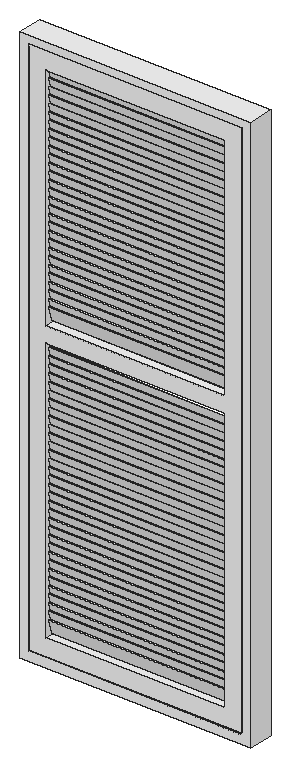
Revit family
Parameters (values of type "9 X 22")
  Assembly Code = ""
  Top Rail = 50 mm
  Stile = 50 mm
  Shutter = 합성수지
  Panel = Glass (2)
  Height = 2210 mm
  Frame Width = 50 mm
  Frame Depth = 100 mm
  Frame = 합성수지
  Default Sill Height = 0 mm
  Wall Closure = (empty or 0)
  Width = 910 mm
  Bottom Rail = 50 mm
Reference planes
  plane 1: y = 5
  plane 2 "Center (Left/Right)": x = 0
  plane 3 "Left": x = -455
  plane 4 "Right": x = 455
  plane 5 "Sill": z = 0
  plane 6 "Head": z = 2210
  plane 7 "Exterior": y = 80
  plane 8 "Interior": y = -70
  plane 9: x = -405
  plane 10: x = 405
  plane 11: y = 55
  plane 12: y = -45
  plane 13: z = 2160
  plane 14: z = 50
  plane 15: x = -355
  plane 16: x = 355
  plane 17: z = 2110
  plane 18: z = 100
  plane 19: x = -50
  plane 20: x = 50
  plane 21: z = 1105
Forms (mm)
  Sweep 1, solid, material "합성수지" <- "Frame"
    path origin (0, 5.744, -49.994) x (1, 0, 0) y (0, 0, 1)
      loop
        line (-300, 200) -> (300, 200) -> (300, 2100) -> (-300, 2100) -> (-300, 200)
    profile origin (0, 0, 1100.006) x (-1, 0, 0) y (0, -1, 0)
      loop
        line (455, 44.256) -> (420, 44.256) -> (420, 9.256) -> (405, 9.256) -> (405, -55.744) -> (455, -55.744) -> (455, 44.256)
  Extrusion 2, solid, material "합성수지" <- "Frame"
    sketch origin (0, 578.225, 194.636) x (1, 0, 0) y (0, -0.956305, -0.292372)
      loop
        line (-350.507, 25.5) -> (355, 25.5) -> (355, 29.5) -> (-350.507, 29.5) -> (-350.507, 25.5)
    from -1953.628 to -2010
  Extrusion 3, solid, material "합성수지" <- "Shutter"
    sketch origin (0, -45, 0) x (-1, 0, 0) y (0, 0, -1)
      loop
        line (420, -35) -> (-420, -35) -> (-420, -2175) -> (420, -2175) -> (420, -35)
      loop
        line (-355, -2110) -> (350.507, -2110) -> (350.507, -1204.934) -> (-355, -1204.934) -> (-355, -2110)
      loop
        line (-355, -100) -> (-355, -1144.934) -> (350.507, -1144.934) -> (350.507, -100) -> (-355, -100)
    from 0 to -35
  Extrusion 4, solid, material "합성수지" <- "Frame"
    sketch origin (0, 578.225, 164.636) x (1, 0, 0) y (0, -0.956305, -0.292372)
      loop
        line (-350.507, 25.5) -> (355, 25.5) -> (355, 29.5) -> (-350.507, 29.5) -> (-350.507, 25.5)
    from -1953.628 to -2010
  Extrusion 5, solid, material "합성수지" <- "Frame"
    sketch origin (0, 578.225, 134.636) x (1, 0, 0) y (0, -0.956305, -0.292372)
      loop
        line (-350.507, 25.5) -> (355, 25.5) -> (355, 29.5) -> (-350.507, 29.5) -> (-350.507, 25.5)
    from -1953.628 to -2010
  Extrusion 6, solid, material "합성수지" <- "Frame"
    sketch origin (0, 578.225, 104.636) x (1, 0, 0) y (0, -0.956305, -0.292372)
      loop
        line (-350.507, 25.5) -> (355, 25.5) -> (355, 29.5) -> (-350.507, 29.5) -> (-350.507, 25.5)
    from -1953.628 to -2010
  Extrusion 7, solid, material "합성수지" <- "Frame"
    sketch origin (0, 578.225, 74.636) x (1, 0, 0) y (0, -0.956305, -0.292372)
      loop
        line (-350.507, 25.5) -> (355, 25.5) -> (355, 29.5) -> (-350.507, 29.5) -> (-350.507, 25.5)
    from -1953.628 to -2010
  Extrusion 8, solid, material "합성수지" <- "Frame"
    sketch origin (0, 578.225, 44.636) x (1, 0, 0) y (0, -0.956305, -0.292372)
      loop
        line (-350.507, 25.5) -> (355, 25.5) -> (355, 29.5) -> (-350.507, 29.5) -> (-350.507, 25.5)
    from -1953.628 to -2010
  Extrusion 9, solid, material "합성수지" <- "Frame"
    sketch origin (0, 578.225, 14.636) x (1, 0, 0) y (0, -0.956305, -0.292372)
      loop
        line (-350.507, 25.5) -> (355, 25.5) -> (355, 29.5) -> (-350.507, 29.5) -> (-350.507, 25.5)
    from -1953.628 to -2010
  Extrusion 10, solid, material "합성수지" <- "Frame"
    sketch origin (0, 578.225, -15.364) x (1, 0, 0) y (0, -0.956305, -0.292372)
      loop
        line (-350.507, 25.5) -> (355, 25.5) -> (355, 29.5) -> (-350.507, 29.5) -> (-350.507, 25.5)
    from -1953.628 to -2010
  Extrusion 11, solid, material "합성수지" <- "Frame"
    sketch origin (0, 578.225, -45.364) x (1, 0, 0) y (0, -0.956305, -0.292372)
      loop
        line (-350.507, 25.5) -> (355, 25.5) -> (355, 29.5) -> (-350.507, 29.5) -> (-350.507, 25.5)
    from -1953.628 to -2010
  Extrusion 12, solid, material "합성수지" <- "Frame"
    sketch origin (0, 578.225, -75.364) x (1, 0, 0) y (0, -0.956305, -0.292372)
      loop
        line (-350.507, 25.5) -> (355, 25.5) -> (355, 29.5) -> (-350.507, 29.5) -> (-350.507, 25.5)
    from -1953.628 to -2010
  Extrusion 13, solid, material "합성수지" <- "Frame"
    sketch origin (0, 578.225, -105.364) x (1, 0, 0) y (0, -0.956305, -0.292372)
      loop
        line (-350.507, 25.5) -> (355, 25.5) -> (355, 29.5) -> (-350.507, 29.5) -> (-350.507, 25.5)
    from -1953.628 to -2010
  Extrusion 14, solid, material "합성수지" <- "Frame"
    sketch origin (0, 578.225, -135.364) x (1, 0, 0) y (0, -0.956305, -0.292372)
      loop
        line (-350.507, 25.5) -> (355, 25.5) -> (355, 29.5) -> (-350.507, 29.5) -> (-350.507, 25.5)
    from -1953.628 to -2010
  Extrusion 15, solid, material "합성수지" <- "Frame"
    sketch origin (0, 578.225, -165.364) x (1, 0, 0) y (0, -0.956305, -0.292372)
      loop
        line (-350.507, 25.5) -> (355, 25.5) -> (355, 29.5) -> (-350.507, 29.5) -> (-350.507, 25.5)
    from -1953.628 to -2010
  Extrusion 16, solid, material "합성수지" <- "Frame"
    sketch origin (0, 578.225, -195.364) x (1, 0, 0) y (0, -0.956305, -0.292372)
      loop
        line (-350.507, 25.5) -> (355, 25.5) -> (355, 29.5) -> (-350.507, 29.5) -> (-350.507, 25.5)
    from -1953.628 to -2010
  Extrusion 17, solid, material "합성수지" <- "Frame"
    sketch origin (0, 578.225, -225.364) x (1, 0, 0) y (0, -0.956305, -0.292372)
      loop
        line (-350.507, 25.5) -> (355, 25.5) -> (355, 29.5) -> (-350.507, 29.5) -> (-350.507, 25.5)
    from -1953.628 to -2010
  Extrusion 18, solid, material "합성수지" <- "Frame"
    sketch origin (0, 578.225, -255.364) x (1, 0, 0) y (0, -0.956305, -0.292372)
      loop
        line (-350.507, 25.5) -> (355, 25.5) -> (355, 29.5) -> (-350.507, 29.5) -> (-350.507, 25.5)
    from -1953.628 to -2010
  Extrusion 19, solid, material "합성수지" <- "Frame"
    sketch origin (0, 578.225, -285.364) x (1, 0, 0) y (0, -0.956305, -0.292372)
      loop
        line (-350.507, 25.5) -> (355, 25.5) -> (355, 29.5) -> (-350.507, 29.5) -> (-350.507, 25.5)
    from -1953.628 to -2010
  Extrusion 20, solid, material "합성수지" <- "Frame"
    sketch origin (0, 578.225, -315.364) x (1, 0, 0) y (0, -0.956305, -0.292372)
      loop
        line (-350.507, 25.5) -> (355, 25.5) -> (355, 29.5) -> (-350.507, 29.5) -> (-350.507, 25.5)
    from -1953.628 to -2010
  Extrusion 21, solid, material "합성수지" <- "Frame"
    sketch origin (0, 578.225, -345.364) x (1, 0, 0) y (0, -0.956305, -0.292372)
      loop
        line (-350.507, 25.5) -> (355, 25.5) -> (355, 29.5) -> (-350.507, 29.5) -> (-350.507, 25.5)
    from -1953.628 to -2010
  Extrusion 22, solid, material "합성수지" <- "Frame"
    sketch origin (0, 578.225, -375.364) x (1, 0, 0) y (0, -0.956305, -0.292372)
      loop
        line (-350.507, 25.5) -> (355, 25.5) -> (355, 29.5) -> (-350.507, 29.5) -> (-350.507, 25.5)
    from -1953.628 to -2010
  Extrusion 23, solid, material "합성수지" <- "Frame"
    sketch origin (0, 578.225, -405.364) x (1, 0, 0) y (0, -0.956305, -0.292372)
      loop
        line (-350.507, 25.5) -> (355, 25.5) -> (355, 29.5) -> (-350.507, 29.5) -> (-350.507, 25.5)
    from -1953.628 to -2010
  Extrusion 24, solid, material "합성수지" <- "Frame"
    sketch origin (0, 578.225, -435.364) x (1, 0, 0) y (0, -0.956305, -0.292372)
      loop
        line (-350.507, 25.5) -> (355, 25.5) -> (355, 29.5) -> (-350.507, 29.5) -> (-350.507, 25.5)
    from -1953.628 to -2010
  Extrusion 25, solid, material "합성수지" <- "Frame"
    sketch origin (0, 578.225, -465.364) x (1, 0, 0) y (0, -0.956305, -0.292372)
      loop
        line (-350.507, 25.5) -> (355, 25.5) -> (355, 29.5) -> (-350.507, 29.5) -> (-350.507, 25.5)
    from -1953.628 to -2010
  Extrusion 26, solid, material "합성수지" <- "Frame"
    sketch origin (0, 578.225, -495.364) x (1, 0, 0) y (0, -0.956305, -0.292372)
      loop
        line (-350.507, 25.5) -> (355, 25.5) -> (355, 29.5) -> (-350.507, 29.5) -> (-350.507, 25.5)
    from -1953.628 to -2010
  Extrusion 27, solid, material "합성수지" <- "Frame"
    sketch origin (0, 578.225, -525.364) x (1, 0, 0) y (0, -0.956305, -0.292372)
      loop
        line (-350.507, 25.5) -> (355, 25.5) -> (355, 29.5) -> (-350.507, 29.5) -> (-350.507, 25.5)
    from -1953.628 to -2010
  Extrusion 28, solid, material "합성수지" <- "Frame"
    sketch origin (0, 578.225, -555.364) x (1, 0, 0) y (0, -0.956305, -0.292372)
      loop
        line (-350.507, 25.5) -> (355, 25.5) -> (355, 29.5) -> (-350.507, 29.5) -> (-350.507, 25.5)
    from -1953.628 to -2010
  Extrusion 29, solid, material "합성수지" <- "Frame"
    sketch origin (0, 578.225, -585.364) x (1, 0, 0) y (0, -0.956305, -0.292372)
      loop
        line (-350.507, 25.5) -> (355, 25.5) -> (355, 29.5) -> (-350.507, 29.5) -> (-350.507, 25.5)
    from -1953.628 to -2010
  Extrusion 30, solid, material "합성수지" <- "Frame"
    sketch origin (0, 578.225, -615.364) x (1, 0, 0) y (0, -0.956305, -0.292372)
      loop
        line (-350.507, 25.5) -> (355, 25.5) -> (355, 29.5) -> (-350.507, 29.5) -> (-350.507, 25.5)
    from -1953.628 to -2010
  Extrusion 31, solid, material "합성수지" <- "Frame"
    sketch origin (0, 578.225, -645.364) x (1, 0, 0) y (0, -0.956305, -0.292372)
      loop
        line (-350.507, 25.5) -> (355, 25.5) -> (355, 29.5) -> (-350.507, 29.5) -> (-350.507, 25.5)
    from -1953.628 to -2010
  Extrusion 32, solid, material "합성수지" <- "Frame"
    sketch origin (0, 578.225, -910.297) x (1, 0, 0) y (0, -0.956305, -0.292372)
      loop
        line (-350.507, 25.5) -> (355, 25.5) -> (355, 29.5) -> (-350.507, 29.5) -> (-350.507, 25.5)
    from -1953.628 to -2010
  Extrusion 33, solid, material "합성수지" <- "Frame"
    sketch origin (0, 578.225, -940.297) x (1, 0, 0) y (0, -0.956305, -0.292372)
      loop
        line (-350.507, 25.5) -> (355, 25.5) -> (355, 29.5) -> (-350.507, 29.5) -> (-350.507, 25.5)
    from -1953.628 to -2010
  Extrusion 34, solid, material "합성수지" <- "Frame"
    sketch origin (0, 578.225, -970.297) x (1, 0, 0) y (0, -0.956305, -0.292372)
      loop
        line (-350.507, 25.5) -> (355, 25.5) -> (355, 29.5) -> (-350.507, 29.5) -> (-350.507, 25.5)
    from -1953.628 to -2010
  Extrusion 35, solid, material "합성수지" <- "Frame"
    sketch origin (0, 578.225, -1000.297) x (1, 0, 0) y (0, -0.956305, -0.292372)
      loop
        line (-350.507, 25.5) -> (355, 25.5) -> (355, 29.5) -> (-350.507, 29.5) -> (-350.507, 25.5)
    from -1953.628 to -2010
  Extrusion 36, solid, material "합성수지" <- "Frame"
    sketch origin (0, 578.225, -1030.297) x (1, 0, 0) y (0, -0.956305, -0.292372)
      loop
        line (-350.507, 25.5) -> (355, 25.5) -> (355, 29.5) -> (-350.507, 29.5) -> (-350.507, 25.5)
    from -1953.628 to -2010
  Extrusion 37, solid, material "합성수지" <- "Frame"
    sketch origin (0, 578.225, -1060.297) x (1, 0, 0) y (0, -0.956305, -0.292372)
      loop
        line (-350.507, 25.5) -> (355, 25.5) -> (355, 29.5) -> (-350.507, 29.5) -> (-350.507, 25.5)
    from -1953.628 to -2010
  Extrusion 38, solid, material "합성수지" <- "Frame"
    sketch origin (0, 578.225, -1090.297) x (1, 0, 0) y (0, -0.956305, -0.292372)
      loop
        line (-350.507, 25.5) -> (355, 25.5) -> (355, 29.5) -> (-350.507, 29.5) -> (-350.507, 25.5)
    from -1953.628 to -2010
  Extrusion 39, solid, material "합성수지" <- "Frame"
    sketch origin (0, 578.225, -1120.297) x (1, 0, 0) y (0, -0.956305, -0.292372)
      loop
        line (-350.507, 25.5) -> (355, 25.5) -> (355, 29.5) -> (-350.507, 29.5) -> (-350.507, 25.5)
    from -1953.628 to -2010
  Extrusion 40, solid, material "합성수지" <- "Frame"
    sketch origin (0, 578.225, -1150.297) x (1, 0, 0) y (0, -0.956305, -0.292372)
      loop
        line (-350.507, 25.5) -> (355, 25.5) -> (355, 29.5) -> (-350.507, 29.5) -> (-350.507, 25.5)
    from -1953.628 to -2010
  Extrusion 41, solid, material "합성수지" <- "Frame"
    sketch origin (0, 578.225, -1180.297) x (1, 0, 0) y (0, -0.956305, -0.292372)
      loop
        line (-350.507, 25.5) -> (355, 25.5) -> (355, 29.5) -> (-350.507, 29.5) -> (-350.507, 25.5)
    from -1953.628 to -2010
  Extrusion 42, solid, material "합성수지" <- "Frame"
    sketch origin (0, 578.225, -1210.297) x (1, 0, 0) y (0, -0.956305, -0.292372)
      loop
        line (-350.507, 25.5) -> (355, 25.5) -> (355, 29.5) -> (-350.507, 29.5) -> (-350.507, 25.5)
    from -1953.628 to -2010
  Extrusion 43, solid, material "합성수지" <- "Frame"
    sketch origin (0, 578.225, -1240.297) x (1, 0, 0) y (0, -0.956305, -0.292372)
      loop
        line (-350.507, 25.5) -> (355, 25.5) -> (355, 29.5) -> (-350.507, 29.5) -> (-350.507, 25.5)
    from -1953.628 to -2010
  Extrusion 44, solid, material "합성수지" <- "Frame"
    sketch origin (0, 578.225, -1270.297) x (1, 0, 0) y (0, -0.956305, -0.292372)
      loop
        line (-350.507, 25.5) -> (355, 25.5) -> (355, 29.5) -> (-350.507, 29.5) -> (-350.507, 25.5)
    from -1953.628 to -2010
  Extrusion 45, solid, material "합성수지" <- "Frame"
    sketch origin (0, 578.225, -1300.297) x (1, 0, 0) y (0, -0.956305, -0.292372)
      loop
        line (-350.507, 25.5) -> (355, 25.5) -> (355, 29.5) -> (-350.507, 29.5) -> (-350.507, 25.5)
    from -1953.628 to -2010
  Extrusion 46, solid, material "합성수지" <- "Frame"
    sketch origin (0, 578.225, -1330.297) x (1, 0, 0) y (0, -0.956305, -0.292372)
      loop
        line (-350.507, 25.5) -> (355, 25.5) -> (355, 29.5) -> (-350.507, 29.5) -> (-350.507, 25.5)
    from -1953.628 to -2010
  Extrusion 47, solid, material "합성수지" <- "Frame"
    sketch origin (0, 578.225, -1360.297) x (1, 0, 0) y (0, -0.956305, -0.292372)
      loop
        line (-350.507, 25.5) -> (355, 25.5) -> (355, 29.5) -> (-350.507, 29.5) -> (-350.507, 25.5)
    from -1953.628 to -2010
  Extrusion 48, solid, material "합성수지" <- "Frame"
    sketch origin (0, 578.225, -1390.297) x (1, 0, 0) y (0, -0.956305, -0.292372)
      loop
        line (-350.507, 25.5) -> (355, 25.5) -> (355, 29.5) -> (-350.507, 29.5) -> (-350.507, 25.5)
    from -1953.628 to -2010
  Extrusion 49, solid, material "합성수지" <- "Frame"
    sketch origin (0, 578.225, -1420.297) x (1, 0, 0) y (0, -0.956305, -0.292372)
      loop
        line (-350.507, 25.5) -> (355, 25.5) -> (355, 29.5) -> (-350.507, 29.5) -> (-350.507, 25.5)
    from -1953.628 to -2010
  Extrusion 50, solid, material "합성수지" <- "Frame"
    sketch origin (0, 578.225, -1450.297) x (1, 0, 0) y (0, -0.956305, -0.292372)
      loop
        line (-350.507, 25.5) -> (355, 25.5) -> (355, 29.5) -> (-350.507, 29.5) -> (-350.507, 25.5)
    from -1953.628 to -2010
  Extrusion 51, solid, material "합성수지" <- "Frame"
    sketch origin (0, 578.225, -1480.297) x (1, 0, 0) y (0, -0.956305, -0.292372)
      loop
        line (-350.507, 25.5) -> (355, 25.5) -> (355, 29.5) -> (-350.507, 29.5) -> (-350.507, 25.5)
    from -1953.628 to -2010
  Extrusion 52, solid, material "합성수지" <- "Frame"
    sketch origin (0, 578.225, -1510.297) x (1, 0, 0) y (0, -0.956305, -0.292372)
      loop
        line (-350.507, 25.5) -> (355, 25.5) -> (355, 29.5) -> (-350.507, 29.5) -> (-350.507, 25.5)
    from -1953.628 to -2010
  Extrusion 53, solid, material "합성수지" <- "Frame"
    sketch origin (0, 578.225, -1540.297) x (1, 0, 0) y (0, -0.956305, -0.292372)
      loop
        line (-350.507, 25.5) -> (355, 25.5) -> (355, 29.5) -> (-350.507, 29.5) -> (-350.507, 25.5)
    from -1953.628 to -2010
  Extrusion 54, solid, material "합성수지" <- "Frame"
    sketch origin (0, 578.225, -1570.297) x (1, 0, 0) y (0, -0.956305, -0.292372)
      loop
        line (-350.507, 25.5) -> (355, 25.5) -> (355, 29.5) -> (-350.507, 29.5) -> (-350.507, 25.5)
    from -1953.628 to -2010
  Extrusion 55, solid, material "합성수지" <- "Frame"
    sketch origin (0, 578.225, -1600.297) x (1, 0, 0) y (0, -0.956305, -0.292372)
      loop
        line (-350.507, 25.5) -> (355, 25.5) -> (355, 29.5) -> (-350.507, 29.5) -> (-350.507, 25.5)
    from -1953.628 to -2010
  Extrusion 56, solid, material "합성수지" <- "Frame"
    sketch origin (0, 578.225, -1630.297) x (1, 0, 0) y (0, -0.956305, -0.292372)
      loop
        line (-350.507, 25.5) -> (355, 25.5) -> (355, 29.5) -> (-350.507, 29.5) -> (-350.507, 25.5)
    from -1953.628 to -2010
  Extrusion 57, solid, material "합성수지" <- "Frame"
    sketch origin (0, 578.225, -1660.297) x (1, 0, 0) y (0, -0.956305, -0.292372)
      loop
        line (-350.507, 25.5) -> (355, 25.5) -> (355, 29.5) -> (-350.507, 29.5) -> (-350.507, 25.5)
    from -1953.628 to -2010
  Extrusion 58, solid, material "합성수지" <- "Frame"
    sketch origin (0, 578.225, -1690.297) x (1, 0, 0) y (0, -0.956305, -0.292372)
      loop
        line (-350.507, 25.5) -> (355, 25.5) -> (355, 29.5) -> (-350.507, 29.5) -> (-350.507, 25.5)
    from -1953.628 to -2010
  Extrusion 59, solid, material "합성수지" <- "Frame"
    sketch origin (0, 578.225, -1720.297) x (1, 0, 0) y (0, -0.956305, -0.292372)
      loop
        line (-350.507, 25.5) -> (355, 25.5) -> (355, 29.5) -> (-350.507, 29.5) -> (-350.507, 25.5)
    from -1953.628 to -2010
  Extrusion 60, solid, material "합성수지" <- "Frame"
    sketch origin (0, 578.225, -1750.297) x (1, 0, 0) y (0, -0.956305, -0.292372)
      loop
        line (-350.507, 25.5) -> (355, 25.5) -> (355, 29.5) -> (-350.507, 29.5) -> (-350.507, 25.5)
    from -1953.628 to -2010
  Extrusion 61, solid, material "합성수지" <- "Frame"
    sketch origin (0, 578.225, -787.797) x (1, 0, 0) y (0, -0.956305, -0.292372)
      loop
        line (-350.507, 25.5) -> (355, 25.5) -> (355, 29.5) -> (-350.507, 29.5) -> (-350.507, 25.5)
    from -1953.628 to -2010
  Extrusion 62, solid, material "합성수지" <- "Frame"
    sketch origin (0, 578.225, -817.797) x (1, 0, 0) y (0, -0.956305, -0.292372)
      loop
        line (-350.507, 25.5) -> (355, 25.5) -> (355, 29.5) -> (-350.507, 29.5) -> (-350.507, 25.5)
    from -1953.628 to -2010
  Extrusion 63, solid, material "합성수지" <- "Frame"
    sketch origin (0, 578.225, -847.797) x (1, 0, 0) y (0, -0.956305, -0.292372)
      loop
        line (-350.507, 25.5) -> (355, 25.5) -> (355, 29.5) -> (-350.507, 29.5) -> (-350.507, 25.5)
    from -1953.628 to -2010
  Extrusion 64, solid, material "합성수지" <- "Frame"
    sketch origin (0, 578.225, -877.797) x (1, 0, 0) y (0, -0.956305, -0.292372)
      loop
        line (-350.507, 25.5) -> (355, 25.5) -> (355, 29.5) -> (-350.507, 29.5) -> (-350.507, 25.5)
    from -1953.628 to -2010
Lines and regions (mm)
  Opening 1
    outline origin (3500, -70, 0) x (1, 0, 0) y (0, 0, 1)
      loop
        line (-3045, 0) -> (-3045, 2210) -> (-3955, 2210) -> (-3955, 0) -> (-3045, 0)
  symbolic lines, style "WindowsFrameMullionProjection", detail levels medium+fine
    curve 1: line (-455, 55.744, 0) -> (-405, 55.744, 0)
    curve 2: line (-405, 55.744, 0) -> (-405, -15, 0)
    curve 3: line (-420, -15, 0) -> (-405, -15, 0)
    curve 4: line (-420, -15, 0) -> (-420, -45, 0)
    curve 5: line (-455, -45, 0) -> (-420, -45, 0)
    curve 6: line (455, 55.744, 0) -> (405, 55.744, 0)
    curve 7: line (405, 55.744, 0) -> (405, -14.256, 0)
    curve 8: line (405, -9.256, 0) -> (420, -9.256, 0)
    curve 9: line (420, -9.256, 0) -> (420, -44.256, 0)
    curve 10: line (420, -44.256, 0) -> (455, -44.256, 0)
    curve 11: line (455, -44.256, 0) -> (455, 55.744, 0)
    curve 13: line (-455, 55.744, 0) -> (-455, -45, 0)
  symbolic lines, style "Plan Swing"
    curve 12: line (-420, -45, 0) -> (420, -44.256, 0)
  symbolic lines, style "WindowsFrameMullionProjection", detail levels coarse
    curve 14: line (-420, -45, 0) -> (-455, -45, 0)
    curve 15: line (-420, 55.744, 0) -> (-420, -45, 0)
    curve 16: line (-455, 55.744, 0) -> (-420, 55.744, 0)
    curve 17: line (-455, -45, 0) -> (-455, 55.744, 0)
    curve 18: line (420, -44.256, 0) -> (455, -44.256, 0)
    curve 19: line (420, 55.744, 0) -> (420, -44.256, 0)
    curve 20: line (455, 55.744, 0) -> (420, 55.744, 0)
    curve 21: line (455, -44.256, 0) -> (455, 55.744, 0)
  symbolic lines, style "Elevation Swing Coarse", detail levels coarse
    curve 22: line (405, 0, 1105) -> (0, 0, 1505)
    curve 23: line (405, 0, 1105) -> (0, 0, 595)
    curve 24: line (0, 0, 1505) -> (-405, 0, 1105)
    curve 25: line (0, 0, 595) -> (-405, 0, 1105)
  symbolic lines, style "Plan Swing", detail levels coarse
    curve 26: line (-420, -9.256, 0) -> (420, -9.256, 0)
  symbolic lines, style "Elevation Swing Medium", detail levels medium
    curve 27: line (405, 0, 1105) -> (0, 0, 1505)
    curve 28: line (405, 0, 1105) -> (0, 0, 595)
    curve 29: line (0, 0, 1505) -> (-405, 0, 1105)
    curve 30: line (0, 0, 595) -> (-405, 0, 1105)
  symbolic lines, style "Elevation Swing Fine", detail levels fine
    curve 31: line (405, 0, 1105) -> (0, 0, 1505)
    curve 32: line (405, 0, 1105) -> (0, 0, 595)
    curve 33: line (0, 0, 1505) -> (-405, 0, 1105)
    curve 34: line (0, 0, 595) -> (-405, 0, 1105)
Text (mm)
  text "EXTERIOR" at (-1963.203, 1332.353, 0), in view "Ref. Level"
  text "INTERIOR" at (-1981.466, -818.386, 0), in view "Ref. Level"
  text "Exterior" at (0, 923.751, 2943.296), in view "Right"
  text "Exterior" at (0, 1040.484, 2685.409), in view "Left"
Dimensions and locks
  equal spacing: plane 3 "Left", plane 2 "Center (Left/Right)", plane 4 "Right"
  "Width": plane 3 "Left" to plane 4 "Right"
  "Height": plane 5 "Sill" to plane 6 "Head"
  "Default Sill Height": plane 5 "Sill" to level
  locked: plane 7 "Exterior" to host wall at 0
  locked: plane 8 "Interior" to host wall
  locked: Sweep 1 sketch curve to Sweep 1 sketch curve at 15
  locked: Sweep 1 sketch curve to Sweep 1 sketch curve at 35
  "Frame Width": plane 3 "Left" to plane 9
  "Frame Width": plane 10 to plane 4 "Right"
  equal spacing: plane 12, plane 1, plane 11
  "Frame Depth": plane 12 to plane 11
  "Frame Width": plane 6 "Head" to plane 13
  "Frame Width": plane 14 to plane 5 "Sill"
  "Stile": plane 15 to plane 9
  "Stile": plane 10 to plane 16
  "Stile": plane 2 "Center (Left/Right)" to plane 19
  "Stile": plane 20 to plane 2 "Center (Left/Right)"
  "Top Rail": plane 13 to plane 17
  "Bottom Rail": plane 18 to plane 14
  equal spacing: plane 6 "Head", plane 21, plane 5 "Sill"
  equal spacing: plane 8 "Interior", plane 1, plane 7 "Exterior"
  aligned and locked: Sweep 1 sketch curve to plane 3 "Left"
  aligned and locked: plane 9 to Sweep 1 sketch curve
  aligned and locked: curve 1 to Sweep 1  (x2)
  aligned and locked: curve 2 to Sweep 1
  aligned and locked: curve 3 to Sweep 1
  aligned and locked: Sweep 1 to curve 5
  aligned and locked: Sweep 1 to curve 6
  aligned and locked: curve 7 to Sweep 1
  aligned and locked: curve 7 to curve 8
  aligned and locked: Sweep 1 to curve 8
  aligned and locked: Sweep 1 to curve 9
  aligned and locked: curve 13 to curve 1
  aligned and locked: curve 13 to curve 5
  aligned and locked: plane 3 "Left" to curve 13
  aligned and locked: curve 21 to Sweep 1  (x2)
  aligned and locked: curve 26 to Sweep 1
Automatic sketch dimensions
  plane 10 to curve 8 = 15 mm
  curve 3 to curve 26 = 5.744 mm
  curve 7 to curve 8 = 5 mm
  curve 29 to plane 2 "Center (Left/Right)" = 0 mm
  curve 24 to plane 9 = 0 mm
  curve 24 to plane 21 = 0 mm
  curve 27 to plane 10 = 0 mm
  curve 27 to plane 21 = 0 mm
  curve 32 to plane 2 "Center (Left/Right)" = 0 mm
  curve 33 to plane 21 = 400 mm
  plane 21 to curve 32 = 510 mm
  Opening 1 sketch curve to level = 0 mm
  Opening 1 sketch curve to plane 3 "Left" = 0 mm
  Opening 1 sketch curve to plane 4 "Right" = 0 mm
  Opening 1 sketch curve to plane 6 "Head" = 0 mm
  plane 15 to Sweep 1 sketch curve = 55 mm
  Sweep 1 sketch curve to plane 16 = 55 mm
  Sweep 1 sketch curve to plane 18 = 50.006 mm
  plane 17 to Sweep 1 sketch curve = 59.994 mm
  Sweep 1 sketch curve to Sweep 1 sketch curve = 65 mm
  Extrusion 2 sketch curve to Extrusion 2 sketch curve = 4 mm
  curve 12 to plane 12 = 0 mm
  Extrusion 3 sketch curve to plane 16 = 0 mm  (x2)
  Extrusion 3 sketch curve to plane 17 = 0 mm
  Extrusion 3 sketch curve to plane 18 = 0 mm
  plane 10 to Extrusion 3 sketch curve = 15 mm
  plane 15 to Extrusion 3 sketch curve = 4.493 mm  (x2)
  Extrusion 3 sketch curve to plane 9 = 15 mm
  Extrusion 3 sketch curve to plane 13 = 15 mm
  Extrusion 3 sketch curve to plane 21 = 99.934 mm
  Extrusion 3 sketch curve to plane 21 = 39.934 mm
  plane 14 to Extrusion 3 sketch curve = 15 mm
  Extrusion 2 sketch curve to Extrusion 2 sketch curve = 705.507 mm
  Extrusion 4 sketch curve to Extrusion 4 sketch curve = 4 mm
  Extrusion 4 sketch curve to Extrusion 4 sketch curve = 705.507 mm
  Extrusion 5 sketch curve to Extrusion 5 sketch curve = 4 mm
  Extrusion 5 sketch curve to Extrusion 5 sketch curve = 705.507 mm
  Extrusion 6 sketch curve to Extrusion 6 sketch curve = 4 mm
  Extrusion 6 sketch curve to Extrusion 6 sketch curve = 705.507 mm
  Extrusion 7 sketch curve to Extrusion 7 sketch curve = 4 mm
  Extrusion 7 sketch curve to Extrusion 7 sketch curve = 705.507 mm
  Extrusion 8 sketch curve to Extrusion 8 sketch curve = 4 mm
  Extrusion 8 sketch curve to Extrusion 8 sketch curve = 705.507 mm
  Extrusion 9 sketch curve to Extrusion 9 sketch curve = 4 mm
  Extrusion 9 sketch curve to Extrusion 9 sketch curve = 705.507 mm
  Extrusion 10 sketch curve to Extrusion 10 sketch curve = 4 mm
  Extrusion 10 sketch curve to Extrusion 10 sketch curve = 705.507 mm
  Extrusion 11 sketch curve to Extrusion 11 sketch curve = 4 mm
  Extrusion 11 sketch curve to Extrusion 11 sketch curve = 705.507 mm
  Extrusion 12 sketch curve to Extrusion 12 sketch curve = 4 mm
  Extrusion 12 sketch curve to Extrusion 12 sketch curve = 705.507 mm
  Extrusion 13 sketch curve to Extrusion 13 sketch curve = 4 mm
  Extrusion 13 sketch curve to Extrusion 13 sketch curve = 705.507 mm
  Extrusion 14 sketch curve to Extrusion 14 sketch curve = 4 mm
  Extrusion 14 sketch curve to Extrusion 14 sketch curve = 705.507 mm
  Extrusion 15 sketch curve to Extrusion 15 sketch curve = 4 mm
  Extrusion 15 sketch curve to Extrusion 15 sketch curve = 705.507 mm
  Extrusion 16 sketch curve to Extrusion 16 sketch curve = 4 mm
  Extrusion 16 sketch curve to Extrusion 16 sketch curve = 705.507 mm
  Extrusion 17 sketch curve to Extrusion 17 sketch curve = 4 mm
  Extrusion 17 sketch curve to Extrusion 17 sketch curve = 705.507 mm
  Extrusion 18 sketch curve to Extrusion 18 sketch curve = 4 mm
  Extrusion 18 sketch curve to Extrusion 18 sketch curve = 705.507 mm
  Extrusion 19 sketch curve to Extrusion 19 sketch curve = 4 mm
  Extrusion 19 sketch curve to Extrusion 19 sketch curve = 705.507 mm
  Extrusion 20 sketch curve to Extrusion 20 sketch curve = 4 mm
  Extrusion 20 sketch curve to Extrusion 20 sketch curve = 705.507 mm
  Extrusion 21 sketch curve to Extrusion 21 sketch curve = 4 mm
  Extrusion 21 sketch curve to Extrusion 21 sketch curve = 705.507 mm
  Extrusion 22 sketch curve to Extrusion 22 sketch curve = 4 mm
  Extrusion 22 sketch curve to Extrusion 22 sketch curve = 705.507 mm
  Extrusion 23 sketch curve to Extrusion 23 sketch curve = 4 mm
  Extrusion 23 sketch curve to Extrusion 23 sketch curve = 705.507 mm
  Extrusion 24 sketch curve to Extrusion 24 sketch curve = 4 mm
  Extrusion 24 sketch curve to Extrusion 24 sketch curve = 705.507 mm
  Extrusion 25 sketch curve to Extrusion 25 sketch curve = 4 mm
  Extrusion 25 sketch curve to Extrusion 25 sketch curve = 705.507 mm
  Extrusion 26 sketch curve to Extrusion 26 sketch curve = 4 mm
  Extrusion 26 sketch curve to Extrusion 26 sketch curve = 705.507 mm
  Extrusion 27 sketch curve to Extrusion 27 sketch curve = 4 mm
  Extrusion 27 sketch curve to Extrusion 27 sketch curve = 705.507 mm
  Extrusion 28 sketch curve to Extrusion 28 sketch curve = 4 mm
  Extrusion 28 sketch curve to Extrusion 28 sketch curve = 705.507 mm
  Extrusion 29 sketch curve to Extrusion 29 sketch curve = 4 mm
  Extrusion 29 sketch curve to Extrusion 29 sketch curve = 705.507 mm
  Extrusion 30 sketch curve to Extrusion 30 sketch curve = 4 mm
  Extrusion 30 sketch curve to Extrusion 30 sketch curve = 705.507 mm
  Extrusion 31 sketch curve to Extrusion 31 sketch curve = 4 mm
  Extrusion 31 sketch curve to Extrusion 31 sketch curve = 705.507 mm
  Extrusion 32 sketch curve to Extrusion 32 sketch curve = 4 mm
  Extrusion 32 sketch curve to Extrusion 32 sketch curve = 705.507 mm
  Extrusion 33 sketch curve to Extrusion 33 sketch curve = 4 mm
  Extrusion 33 sketch curve to Extrusion 33 sketch curve = 705.507 mm
  Extrusion 34 sketch curve to Extrusion 34 sketch curve = 4 mm
  Extrusion 34 sketch curve to Extrusion 34 sketch curve = 705.507 mm
  Extrusion 35 sketch curve to Extrusion 35 sketch curve = 4 mm
  Extrusion 35 sketch curve to Extrusion 35 sketch curve = 705.507 mm
  Extrusion 36 sketch curve to Extrusion 36 sketch curve = 4 mm
  Extrusion 36 sketch curve to Extrusion 36 sketch curve = 705.507 mm
  Extrusion 37 sketch curve to Extrusion 37 sketch curve = 4 mm
  Extrusion 37 sketch curve to Extrusion 37 sketch curve = 705.507 mm
  Extrusion 38 sketch curve to Extrusion 38 sketch curve = 4 mm
  Extrusion 38 sketch curve to Extrusion 38 sketch curve = 705.507 mm
  Extrusion 39 sketch curve to Extrusion 39 sketch curve = 4 mm
  Extrusion 39 sketch curve to Extrusion 39 sketch curve = 705.507 mm
  Extrusion 40 sketch curve to Extrusion 40 sketch curve = 4 mm
  Extrusion 40 sketch curve to Extrusion 40 sketch curve = 705.507 mm
  Extrusion 41 sketch curve to Extrusion 41 sketch curve = 4 mm
  Extrusion 41 sketch curve to Extrusion 41 sketch curve = 705.507 mm
  Extrusion 42 sketch curve to Extrusion 42 sketch curve = 4 mm
  Extrusion 42 sketch curve to Extrusion 42 sketch curve = 705.507 mm
  Extrusion 43 sketch curve to Extrusion 43 sketch curve = 4 mm
  Extrusion 43 sketch curve to Extrusion 43 sketch curve = 705.507 mm
  Extrusion 44 sketch curve to Extrusion 44 sketch curve = 4 mm
  Extrusion 44 sketch curve to Extrusion 44 sketch curve = 705.507 mm
  Extrusion 45 sketch curve to Extrusion 45 sketch curve = 4 mm
  Extrusion 45 sketch curve to Extrusion 45 sketch curve = 705.507 mm
  Extrusion 46 sketch curve to Extrusion 46 sketch curve = 4 mm
  Extrusion 46 sketch curve to Extrusion 46 sketch curve = 705.507 mm
  Extrusion 47 sketch curve to Extrusion 47 sketch curve = 4 mm
  Extrusion 47 sketch curve to Extrusion 47 sketch curve = 705.507 mm
  Extrusion 48 sketch curve to Extrusion 48 sketch curve = 4 mm
  Extrusion 48 sketch curve to Extrusion 48 sketch curve = 705.507 mm
  Extrusion 49 sketch curve to Extrusion 49 sketch curve = 4 mm
  Extrusion 49 sketch curve to Extrusion 49 sketch curve = 705.507 mm
  Extrusion 50 sketch curve to Extrusion 50 sketch curve = 4 mm
  Extrusion 50 sketch curve to Extrusion 50 sketch curve = 705.507 mm
  Extrusion 51 sketch curve to Extrusion 51 sketch curve = 4 mm
  Extrusion 51 sketch curve to Extrusion 51 sketch curve = 705.507 mm
  Extrusion 52 sketch curve to Extrusion 52 sketch curve = 4 mm
  Extrusion 52 sketch curve to Extrusion 52 sketch curve = 705.507 mm
  Extrusion 53 sketch curve to Extrusion 53 sketch curve = 4 mm
  Extrusion 53 sketch curve to Extrusion 53 sketch curve = 705.507 mm
  Extrusion 54 sketch curve to Extrusion 54 sketch curve = 4 mm
  Extrusion 54 sketch curve to Extrusion 54 sketch curve = 705.507 mm
  Extrusion 55 sketch curve to Extrusion 55 sketch curve = 4 mm
  Extrusion 55 sketch curve to Extrusion 55 sketch curve = 705.507 mm
  Extrusion 56 sketch curve to Extrusion 56 sketch curve = 4 mm
  Extrusion 56 sketch curve to Extrusion 56 sketch curve = 705.507 mm
  Extrusion 57 sketch curve to Extrusion 57 sketch curve = 4 mm
  Extrusion 57 sketch curve to Extrusion 57 sketch curve = 705.507 mm
  Extrusion 58 sketch curve to Extrusion 58 sketch curve = 4 mm
  Extrusion 58 sketch curve to Extrusion 58 sketch curve = 705.507 mm
  Extrusion 59 sketch curve to Extrusion 59 sketch curve = 4 mm
  Extrusion 59 sketch curve to Extrusion 59 sketch curve = 705.507 mm
  Extrusion 60 sketch curve to Extrusion 60 sketch curve = 4 mm
  Extrusion 60 sketch curve to Extrusion 60 sketch curve = 705.507 mm
  Extrusion 61 sketch curve to Extrusion 61 sketch curve = 4 mm
  Extrusion 61 sketch curve to Extrusion 61 sketch curve = 705.507 mm
  Extrusion 62 sketch curve to Extrusion 62 sketch curve = 4 mm
  Extrusion 62 sketch curve to Extrusion 62 sketch curve = 705.507 mm
  Extrusion 63 sketch curve to Extrusion 63 sketch curve = 4 mm
  Extrusion 63 sketch curve to Extrusion 63 sketch curve = 705.507 mm
  Extrusion 64 sketch curve to Extrusion 64 sketch curve = 4 mm
  Extrusion 64 sketch curve to Extrusion 64 sketch curve = 705.507 mm
